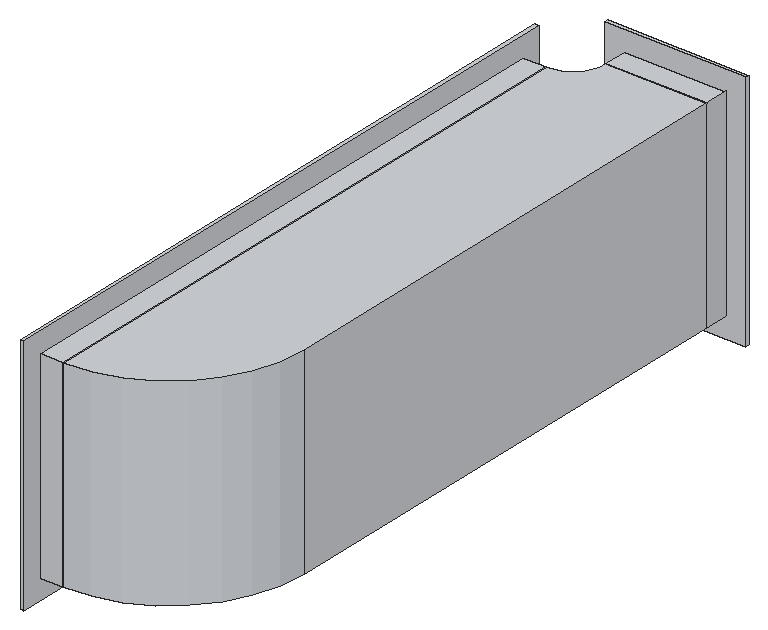
Revit family "RE Bogen asymmetrisch BA - Flansch", category Luftkanalformteile, Revit 2014
Parameters (values of type "Allgemein")
  r4 [instance] = r3 + Länge 17  # 300 mm
  r3 [instance] = if(b > d, if(Abschätzung 1 < 0 mm, r2 + 15 mm, r2), if(not(Abschätzung 2 < 0 mm), r2, r1 + d))  # 200 mm
  RLT_DIN_f [instance] = f  # 0 mm
  RLT_DIN_e [instance] = e  # 0 mm
  RLT_DIN_d [instance] = d  # 150 mm
  RLT_DIN_c [instance] = c  # 300 mm
  RLT_DIN_b [instance] = a  # 300 mm
  RLT_DIN_alpha [instance] = alpha  # 90.00°
  RLT_DIN_a [instance] = a  # 300 mm
  RLT_DIN_KZ = "BA"
  Profilversatz [instance] = (Höhe / 2) - Flanschverlängerung  # 120 mm
  Alpha 4 [instance] = if(Abschätzung 1 > 0 mm, alpha, acos(Länge 18 / Länge 16))  # 90.00°
  Alpha 3 [instance] = if(not(Abschätzung 2 < 0 mm), alpha, asin((r1 + b) / (r1 + d)))  # 90.00°
  r2 [instance] = if((Abschätzung 2 < 0 mm), 5 mm, Länge 22 / tan(alpha 2 / 2))  # 200 mm
  r1 [instance] = if(r = 0 mm, if(0.9 * Max. abcd - 107.1 mm < 0.8 mm, 0.8 mm, 0.9 * Max. abcd - 107.1 mm), r)  # 50 mm
  r [instance] = 50 mm
  f2 [instance] = 35 mm  # constant formula
  f1 [instance] = if(f = 0 mm, f2, f)  # 35 mm
  f [instance] = 0 mm
  e2 [instance] = 35 mm  # constant formula
  e1 [instance] = if(e = 0 mm, e2, e)  # 35 mm
  e [instance] = 0 mm
  Max. bd [instance] = if(b > d, b, d)  # 900 mm
  Länge 19 [instance] = if(Abschätzung 1 > 0 mm, Länge 18, 20 mm)  # 200 mm
  Länge 18 [instance] = (r1 + d) * sin(alpha)  # 200 mm
  d [instance] = 150 mm
  c [instance] = a  # 300 mm
  b [instance] = 900 mm
  Länge21 [instance] = if(alpha = 90.00°, 0 mm, if(and(Abschätzung 1 > 0 mm, Abschätzung 2 > 0 mm), ((r1 + b) - (r1 + d) * cos(alpha 2)) / tan(alpha 2), 10 mm))  # 0 mm
  Länge 20 [instance] = if(alpha = 90.00°, 0 mm, ((r1 + b) - (r1 + d) * cos(alpha)) / tan(alpha))  # 0 mm
  alpha 2 [instance] = if(b > d, Alpha 4, Alpha 3)  # 90.00°
  alpha 1 [instance] = 180.00° - alpha 2  # 90.00°
  alpha [instance] = 90.00°
  a [instance] = 300 mm
  Breite 2 [instance] = 100 mm  # constant formula
  Breite 1 [instance] = b halb + Breite 2 + Max. bd  # 1450 mm
  Sichtbarkeit 2 [instance] = if(Länge 7 > Länge 2, 1 > 0, Länge 1 + f1 < 10000 mm)  # no
  Sichtbarkeit 1 [instance] = if(Länge 7 > Länge 2, 0 > 1, or(Länge 1 + f1 > 10000 mm + 0.8 mm, Länge 1 + f1 = 10000 mm + 0.8 mm))  # yes
  Länge 23 [instance] = if(b > d, if(Abschätzung 1 > 0 mm, Länge 22 / tan(alpha 2 / 2), Länge 22 / tan(alpha 2 / 2) + 15 mm), if(Abschätzung 2 < 0 mm, 5 mm, Länge 22 / tan(alpha 2 / 2)))  # 200 mm
  Länge 22 [instance] = if(alpha = 90.00°, r1 + Länge 24, if(b > d, abs(Länge 19 - Länge21), if(not(Abschätzung 2 > 0 mm), (r1 + b) * sin(alpha), Länge21 / cos(alpha 2))))  # 200 mm
  Länge 24 [instance] = if(b > d, d, b)  # 150 mm
  Max. cd [instance] = if(d > c, d, c)  # 300 mm
  Max. abcd [instance] = if(Max. ab > Max. cd, Max. ab, Max. cd)  # 900 mm
  Max. ab [instance] = if(b > a, b, a)  # 900 mm
  Länge 9 [instance] = if(Länge 1 - 10000 mm + f1 < 0.8 mm, 2 mm, Länge 1 - 10000 mm + f1)  # 160 mm
  Länge 8 [instance] = sqrt((10000 mm - Länge 6) ^ 2 + (Länge 2 - Länge 7) ^ 2)  # 500 mm
  Länge 7 [instance] = Länge 3 * cos(alpha)  # 0 mm
  Länge 6 [instance] = -Länge 3 * sin(alpha) + Länge 1  # 10000 mm
  Länge 5 [instance] = (b - d) / 2  # 375 mm
  Länge 4 [instance] = Länge 2 * tan(alpha / 2)  # 500 mm
  Länge 3 [instance] = r1 + d / 2  # 125 mm
  Länge 15 [instance] = if((r1 + b) * cos(alpha) - (r1 + d) > 0 mm, e1, (r1 + b) * sin(alpha) + e1)  # 985 mm
  Länge 14 [instance] = if(alpha = 90.00°, r1 + d + f1, if((r1 + b) / cos(alpha) - (r1 + d) < 0 mm, f1, (r1 + b) * tan(alpha) + f1))  # 235 mm
  Länge 17 [instance] = 100 mm  # constant formula
  Länge 16 [instance] = sqrt((r1 + b) * (r1 + b) + (r1 + d) * (r1 + d) - 2 * (r1 + b) * (r1 + d) * cos(alpha))  # 970.824 mm
  Länge 13 [instance] = Flanschstärke * sin(alpha)  # 5 mm
  Länge 12 [instance] = Flanschstärke * cos(alpha)  # 0 mm
  Länge 11 [instance] = e1 * sin(alpha)  # 35 mm
  Länge 10 [instance] = e1 * cos(alpha)  # 0 mm
  Länge 1 [instance] = -Länge 2 * cos(alpha) / sin(alpha) + Länge 3 / sin(alpha) + 10000 mm  # 10125 mm
  Länge 2 [instance] = r1 + b / 2  # 500 mm
  Abschätzung 2 [instance] = Länge 20  # 0 mm
  Abschätzung 1 [instance] = (Länge 18 - Länge 20)  # 200 mm
  Höhe [instance] = if(a > c, a, c)  # 300 mm
  b halb [instance] = b * 0.5  # 450 mm
  Flansch d [instance] = d + 2 * Flanschverlängerung  # 210 mm
  Flansch c [instance] = c + 2 * Flanschverlängerung  # 360 mm
  Flansch b [instance] = b + 2 * Flanschverlängerung  # 960 mm
  Flansch a [instance] = a + 2 * Flanschverlängerung  # 360 mm
  Flanschstärke [instance] = 5 mm
  Flanschverlängerung [instance] = 30 mm
  Assembly Code = ""
Reference planes
  plane 1 "Mitte (Vorne/Hinten)": y = 0
  plane 2: z = 0
  plane 3 "Mitte (Links/Rechts)": x = 0
  plane 4: x = -160
  plane 5: x = -125
  plane 6: y = 500
  plane 7: x = 117.528
  plane 8: x = 0
  plane 9: y = 500
  plane 10: x = 10000
  plane 11: x = 0
  plane 12: x = 0
  plane 13: y = 535
  plane 14: x = -165
  plane 15: y = 540
  plane 16: x = 0
  plane 17: y = 480
  plane 18: y = -480
  plane 19: x = 75
  plane 20: x = 75
  plane 21: x = -125
  plane 22: y = 450
  plane 23: y = -450
  plane 24: y = -250
  plane 25: z = 150
  plane 26: z = -150
Forms (mm)
  Sweep 1, solid, detail levels medium+fine
    path in 3D
      loop
        line (-125, 0, 0) -> (-160, 0, 0)
    profile "Luftkanal - rechteckig : Luftkanal - rechteckig 1" origin (-142.5, 0, 0) x (0, -1, 0) y (0, 0, 1)
      loop
        line (-450, 150) -> (-450, -150) -> (450, -150) -> (450, 150) -> (-450, 150)
  Sweep 2, solid, detail levels medium+fine
    path in 3D
      loop
        line (0, 500, 0) -> (0, 535, 0)
    profile "Luftkanal - rechteckig : Luftkanal - rechteckig 2" origin (0, 517.5, 0) x (-1, 0, 0) y (0, 0, 1)
      loop
        line (-75, 150) -> (-75, -150) -> (75, -150) -> (75, 150) -> (-75, 150)
  Sweep 3, solid, detail levels fine
    path in 3D
      loop
        line (-165, 0, 0) -> (-160, 0, 0)
    profile "Luftkanal - rechteckig : Luftkanal - Flansch 1" origin (-162.5, 0, 0) x (0, 1, 0) y (0, 0, 1)
      loop
        line (-480, 180) -> (-480, -180) -> (480, -180) -> (480, 180) -> (-480, 180)
  Sweep 4, solid, detail levels medium+fine
    path in 3D
      loop
        line (-165, 0, 0) -> (-160, 0, 0)
    profile "Luftkanal - rechteckig : Luftkanal - rechteckig 1" origin (-162.5, 0, 0) x (0, 1, 0) y (0, 0, 1)
      loop
        line (-450, 150) -> (-450, -150) -> (450, -150) -> (450, 150) -> (-450, 150)
  Sweep 5, solid, detail levels fine
    path in 3D
      loop
        line (0, 535, 0) -> (0, 540, 0)
    profile "Luftkanal - rechteckig : Luftkanal - Flansch 2" origin (0, 537.5, 0) x (-1, 0, 0) y (0, 0, 1)
      loop
        line (-105, 180) -> (-105, -180) -> (105, -180) -> (105, 180) -> (-105, 180)
  Sweep 6, solid, detail levels medium+fine
    path in 3D
      loop
        line (0, 535, 0) -> (0, 540, 0)
    profile "Luftkanal - rechteckig : Luftkanal - rechteckig 2" origin (0, 537.5, 0) x (-1, 0, 0) y (0, 0, 1)
      loop
        line (-75, 150) -> (-75, -150) -> (75, -150) -> (75, 150) -> (-75, 150)
  Sweep 7, void
    path in 3D
      loop
        line (105, 535, 0) -> (105, -450, 0)
    profile "Luftkanal - rechteckig : Luftkanal - Abzugskörper" origin (105, 42.5, 0) x (1, 0, 0) y (0, 0, 1)
      loop
        line (-30, 150) -> (-30, -150) -> (270, -150) -> (270, 150) -> (-30, 150)
  Extrusion 8, void
    sketch origin (0, 0, 0) x (1, 0, 0) y (0, 1, 0)
      loop
        line (-160, -450) -> (-160, -1450) -> (75, -1450) -> (75, -450) -> (-160, -450)
    from -150 to 150
  Extrusion 9, solid, detail levels medium+fine
    sketch origin (0, 0, 0) x (1, 0, 0) y (0, 1, 0)
      loop
        arc (-125, -450) -> (16.421, -391.421) -> (75, -250) r 200
        line (75, -250) -> (-125, -250) -> (-125, -450)
    from -150 to 150
  Extrusion 10, void
    sketch origin (0, 0, 0) x (1, 0, 0) y (0, 1, 0)
      loop
        line (-125, 500) -> (-125, 450)
        arc (-125, 450) -> (-89.645, 464.645) -> (-75, 500) r 50
        line (-75, 500) -> (-125, 500)
    from -150 to 150
  Extrusion 11, void
    sketch origin (0, 0, 0) x (1, 0, 0) y (0, 1, 0)
      loop
        line (-125, -450) -> (-125, -550)
        arc (-125, -550) -> (87.132, -462.132) -> (175, -250) r 300
        line (175, -250) -> (75, -250)
        arc (75, -250) -> (16.421, -391.421) -> (-125, -450) r 200
    from -150 to 150
  SweptBlend 12, solid, detail levels medium+fine
    path in 3D
      loop
        arc (-125, 0, 0) -> (228.553, 146.447, 0) -> (375, 500, 0) r 500
    profile "Luftkanal - rechteckig : Luftkanal - rechteckig 1" origin (-125, 0, 0) x (0, 1, 0) y (0, 0, 1)
      loop
        line (-450, 150) -> (-450, -150) -> (450, -150) -> (450, 150) -> (-450, 150)
    end profile "Luftkanal - rechteckig : Luftkanal - rechteckig 2" origin (375, 500, 0) x (-1, 0, 0) y (0, 0, 1)
      loop
        line (300, 150) -> (300, -150) -> (450, -150) -> (450, 150) -> (300, 150)
Cuts and joins
  joined: Sweep 1, Sweep 4
  joined: Sweep 2, Sweep 6
  Sweep 7, Extrusion 10 cuts Extrusion 9
  Sweep 7, Extrusion 8, Extrusion 11 cuts SweptBlend 12
  joined: Extrusion 9, SweptBlend 12
Lines and regions (mm)
  reference lines
    curve 1: arc (-125, 0, 0) -> (228.553, 146.447, 0) -> (375, 500, 0) r 500
    curve 2: line (-125, 0, 0) -> (-160, 0, 0)
    curve 4: line (0, 500, 0) -> (0, 535, 0)
    curve 6: line (0, 500, 0) -> (0, 380, 0)
    curve 7: line (0, 500, 0) -> (-130, 500, 0)
    curve 8: line (0, 535, 0) -> (-95, 535, 0)
    curve 9: line (-260.979, 0, 0) -> (274.021, 0, 0)
    curve 12: line (-165, 0, 0) -> (-160, 0, 0)
    curve 15: line (0, 535, 0) -> (0, 540, 0)
    curve 18: line (0, 540, 0) -> (-75, 540, 0)
    curve 19: line (-105, 602.802, 0) -> (-105, 462.802, 0)
    curve 20: line (105, 535, 0) -> (105, -450, 0)
  sketch lines
    curve 3: line (-125, 0, 0) -> (-160, 0, 0)
    curve 5: line (0, 500, 0) -> (0, 535, 0)
    curve 13: line (-165, 0, 0) -> (-160, 0, 0)
    curve 14: line (-165, 0, 0) -> (-160, 0, 0)
    curve 16: line (0, 535, 0) -> (0, 540, 0)
    curve 17: line (0, 535, 0) -> (0, 540, 0)
    curve 26: line (105, 535, 0) -> (105, -450, 0)
    curve 27: arc (-125, 0, 0) -> (228.553, 146.447, 0) -> (375, 500, 0) r 500
  model lines, visible <- "Sichtbarkeit 1", detail levels coarse
    curve 10: line (-160, 0, 0) -> (0, 0, 0)
    curve 11: line (0, 535, 0) -> (0, 0, 0)
    curve 21: line (0, 535, 0) -> (0, 540, 0)
    curve 23: line (-165, 0, 0) -> (-160, 0, 0)
  model lines, detail levels coarse
    curve 22: line (105, 540, 0) -> (-105, 540, 0)
    curve 25: line (-165, 480, 0) -> (-165, -480, 0)
  model lines, visible <- "Sichtbarkeit 2", detail levels coarse
    curve 24: line (0, 540, 0) -> (-165, 0, 0)
Dimensions and locks
  "Länge 2": plane 6 to plane 1 "Mitte (Vorne/Hinten)"
  "f1": plane 4 to plane 5
  "Länge 7": plane 6 to plane 9
  locked: plane 3 "Mitte (Links/Rechts)" to plane 10 at 10000
  "Länge 1": plane 5 to plane 10
  "Länge 6": plane 8 to plane 10
  "e1": curve 4 to curve 4
  "Länge 8": curve 9 to curve 7
  "Länge 9": plane 4 to plane 11
  "Länge 10": plane 8 to plane 12
  "Länge 11": plane 13 to plane 9
  "Flanschstärke": plane 14 to plane 4
  "Flanschstärke": curve 15 to curve 15
  equal spacing: curve 19, curve 15, curve 20
  "Flansch d": curve 19 to curve 20
  "Länge 13": plane 15 to plane 13
  "Länge 12": plane 12 to plane 16
  equal spacing: plane 17, plane 1 "Mitte (Vorne/Hinten)", plane 18
  "Flansch b": plane 18 to plane 17
  "Länge 15": curve 20 to curve 20
  "b halb": Extrusion 8 sketch curve to plane 1 "Mitte (Vorne/Hinten)"
  "Breite 1": plane 1 "Mitte (Vorne/Hinten)" to Extrusion 8 sketch curve
  "Länge 14": plane 4 to Extrusion 8 sketch curve
  equal spacing: Extrusion 8, plane 2, Extrusion 8
  "Höhe": Extrusion 8 to Extrusion 8
  "Länge 19": plane 5 to plane 19
  "Länge21": plane 20 to plane 19
  "Länge 22": plane 21 to plane 20
  equal spacing: plane 22, plane 1 "Mitte (Vorne/Hinten)", plane 23
  "b": plane 22 to plane 23
  "Länge 23": plane 24 to plane 23
  equal spacing: plane 25, plane 2, plane 26
  "c": plane 25 to plane 26
  "r2": Extrusion 9 sketch curve to Extrusion 9 sketch curve  (x2)
  "r1": Extrusion 10 sketch curve to Extrusion 10 sketch curve  (x2)
  "Länge 17": Extrusion 11 sketch curve to Extrusion 11 sketch curve
  "r2": radius of Extrusion 9 sketch curve
  "r1": radius of Extrusion 10 sketch curve
  "r3": radius of Extrusion 11 sketch curve
  "r4": radius of Extrusion 11 sketch curve
  "alpha": angle curve 1 to curve 1
  "alpha": angle plane 9 to curve 4
  locked: curve 4 to curve 6 (angle 180.00°)
  locked: curve 4 to curve 7 (angle 90.00°)
  locked: curve 8 to curve 4 (angle 90.00°)
  locked: curve 6 to curve 9 (angle 90.00°)
  "alpha": angle plane 13 to curve 15
  locked: curve 18 to curve 15 (angle 90.00°)
  locked: curve 18 to curve 19 (angle 90.00°)
  locked: curve 20 to curve 18 (angle 90.00°)
  "alpha 2": angle plane 21 to Extrusion 9 sketch curve
  "alpha 2": angle Extrusion 9 sketch curve to Extrusion 9 sketch curve
  angle curve 7 to plane 21 = 90.00°
  "alpha": angle plane 21 to Extrusion 10 sketch curve
  "alpha": angle Extrusion 10 sketch curve to Extrusion 10 sketch curve
  "alpha 2": angle Extrusion 11 sketch curve to Extrusion 11 sketch curve  (x2)
  aligned and locked: level to plane 2
  aligned and locked: plane 6 to curve 1
  aligned and locked: plane 5 to curve 1
  aligned and locked: plane 5 to curve 2
  aligned and locked: plane 4 to curve 2
  aligned and locked: curve 2 to plane 1 "Mitte (Vorne/Hinten)"
  aligned and locked: plane 9 to curve 4
  aligned and locked: plane 8 to curve 4
  aligned and locked: plane 9 to curve 7
  aligned and locked: plane 8 to curve 7
  aligned and locked: curve 10 to curve 2
  aligned and locked: plane 11 to curve 10
  aligned and locked: curve 9 to curve 11
  aligned and locked: plane 14 to curve 12
  aligned and locked: plane 4 to curve 12
  aligned and locked: plane 1 "Mitte (Vorne/Hinten)" to curve 12
  aligned and locked: plane 13 to curve 15
  aligned and locked: plane 12 to curve 15
  aligned and locked: curve 15 to curve 21
  aligned and locked: plane 13 to curve 21
  aligned and locked: curve 22 to curve 18
  aligned and locked: curve 19 to curve 22
  aligned and locked: curve 22 to curve 20
  aligned and locked: plane 1 "Mitte (Vorne/Hinten)" to curve 23
  aligned and locked: plane 14 to curve 23
  aligned and locked: plane 4 to curve 23
  aligned and locked: plane 1 "Mitte (Vorne/Hinten)" to curve 24
  aligned and locked: plane 14 to curve 24
  aligned and locked: plane 15 to curve 24
  aligned and locked: plane 16 to curve 24
  aligned and locked: plane 17 to curve 25
  aligned and locked: curve 25 to plane 18
  aligned and locked: curve 25 to plane 14
  aligned and locked: curve 20 to Sweep 5
  aligned and locked: Extrusion 8 sketch curve to plane 4
  aligned and locked: plane 25 to cut or joined group of Sweep 7, Extrusion 8, Extrusion 9, Extrusion 10, Extrusion 11, SweptBlend 12
  aligned and locked: cut or joined group of Sweep 7, Extrusion 8, Extrusion 9, Extrusion 10, Extrusion 11, SweptBlend 12 to plane 26
  aligned and locked: plane 24 to Extrusion 9 sketch curve  (x2)
  aligned and locked: plane 21 to Extrusion 9 sketch curve
  aligned and locked: Extrusion 9 sketch curve to plane 21
  aligned and locked: Extrusion 10 to plane 26
  aligned and locked: plane 25 to Extrusion 10
  aligned and locked: plane 21 to Extrusion 10 sketch curve
  aligned and locked: plane 6 to Extrusion 10 sketch curve  (x2)
  aligned and locked: Extrusion 10 sketch curve to plane 21
  aligned and locked: plane 21 to Extrusion 11 sketch curve  (x2)
  aligned and locked: plane 24 to Extrusion 11 sketch curve  (x2)
  aligned and locked: Extrusion 11 sketch curve to plane 21
  aligned and locked: Extrusion 11 to plane 26
  aligned and locked: plane 25 to Extrusion 11
Automatic sketch dimensions
  curve 4 to curve 20 = 0 mm
  curve 19 to curve 4 = 37.198 mm
  curve 4 to curve 9 = 274.021 mm
Connectors
  hvac at (-165, 0, 0), driven by "a", driven by "b", driven by "alpha"
    settings: on cut or joined group of Sweep 1, Sweep 4, index 1, duct flow 0.0 L/s, flow factor 0, pres drop 0.0 Pa, loss coef 0, conn angle 90.00°, conn width 900 mm, conn height 300 mm, conn diameter 609.6 mm, duct sys type 28, conn prof type 1, flow config 0, flow direction 0, loss method 0, conn ref index 2, conn util no, is conn primary yes, conn desc ""
  hvac at (0, 540, 0), driven by "a", driven by "d", driven by "alpha"
    settings: on cut or joined group of Sweep 2, Sweep 6, index 2, duct flow 0.0 L/s, flow factor 0, pres drop 0.0 Pa, loss coef 0, conn angle 90.00°, conn width 150 mm, conn height 300 mm, conn diameter 609.6 mm, duct sys type 28, conn prof type 1, flow config 0, flow direction 0, loss method 0, conn ref index 1, conn util no, is conn primary no, conn desc ""
